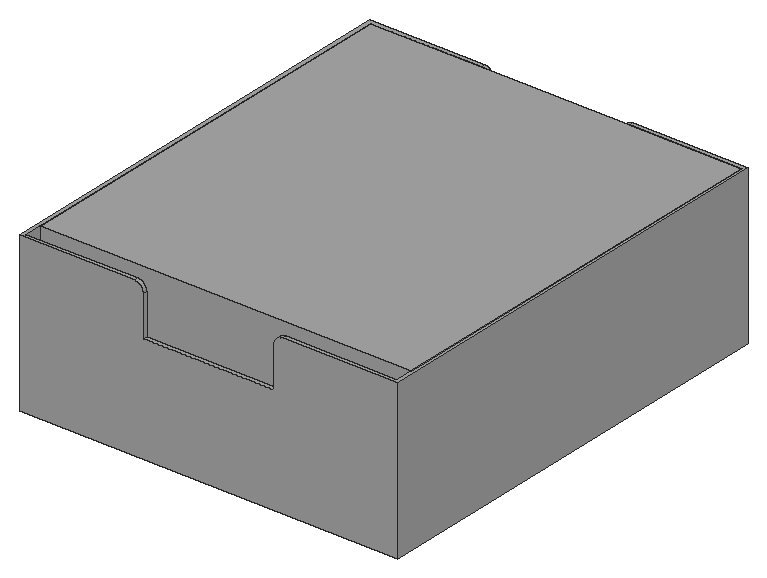
Revit family "5014_Cabinet for Batteries", category Fire Alarm Devices, host Face, Revit 2020
Family settings
  Host = Face
  Maintain Annotation Orientation = No
  Round Connector Dimension = Use Diameter
  Part Type = Normal
  OmniClass Number = 23.85.30.21
  OmniClass Title = Environmental Detection/Registration
  Cut with Voids When Loaded = No
  Shared = No
  Room Calculation Point = No
Parameters (values of type "5014")
  Width (mm) = 420 mm  # constant formula
  Weight = "13000 g"  # constant formula
  Version = "RVT20"  # constant formula
  Uniformat 2010 Description = "Detection and Alarm"  # constant formula
  Uniformat 2010  Code = "D7050"  # constant formula
  Uniclass 2015 Description = "Fire and smoke detector bases"  # constant formula
  Uniclass 2015 Code = "Pr_75_80_30_27 "  # constant formula
  URL = "https://www.panasonic-fire-security.com"
  Type Comments = "Metal cabinet intended for external CIE batteries. Cable entry (grommet) on top of the cabinet. For wall mounting."  # constant formula
  Product Material = Metal cabinet_Aluminum-zinc – AZ150
  Omniclass Description = "Smoke Detectors"  # constant formula
  Omniclass Code = "23.85.30.21.11.11.11"  # constant formula
  Mounting = "Wall"  # constant formula
  Model = "5014"  # constant formula
  Manufacturer = "Panasonic"  # constant formula
  Height (mm) = 487 mm  # constant formula
  Description = "Cabinet for batteries"  # constant formula
  Depth (mm) = 175 mm  # constant formula
  Default Elevation = 0 mm
  Contact = ""
  Batteries = "Designed for two 60-65 Ah batteries"  # constant formula
  Ambient Temperature Operating = "-5 to +40 °C"  # constant formula
  Ambient Humidity = "Maximum 95 % RH "  # constant formula
Reference planes
  plane 1 "Center (Front/Back)": y = 0
  plane 2: z = 0
  plane 3 "Center (Left/Right)": x = 0
  plane 4: z = 175
  plane 5: x = -210
  plane 6: x = 210
  plane 7: y = 243.5
  plane 8: y = -243.5
  plane 9: y = 239.5
  plane 10: y = -239.5
  plane 11: x = -206
  plane 12: x = 206
  plane 13: y = 228.5
  plane 14: y = -228.5
  plane 15: x = -150
  plane 16: x = 150
  plane 17: z = 3
  plane 18: z = 120
  plane 19: x = -72.5
  plane 20: x = 72.5
  plane 21: y = -220.2
  plane 22: y = 220.2
  plane 23: x = -202
  plane 24: y = 235.5
  plane 25: x = 202
  plane 26: y = -235.5
  plane 27: z = 171
  plane 28: y = -216.2
  plane 29: z = 7
Forms (mm)
  Extrusion 1, solid, material "Metal cabinet_Aluminum-zinc – AZ150" <- "Product Material"
    sketch origin (0, 0, 0) x (1, 0, 0) y (0, 1, 0)
      loop
        line (-206, 239.5) -> (-206, -239.5) -> (206, -239.5) -> (206, 239.5) -> (-206, 239.5)
      loop
        circle (-150, 228.5) r 3
      loop
        circle (150, 228.5) r 3
      loop
        circle (-150, -228.5) r 3
      loop
        circle (150, -228.5) r 3
    from 0 to 3
  Extrusion 2, solid, material "Metal cabinet_Aluminum-zinc – AZ150" <- "Product Material"
    sketch origin (0, 0, 0) x (1, 0, 0) y (0, 0, 1)
      loop
        line (-206, 0) -> (206, 0) -> (206, 175) -> (82.5, 175)
        arc (82.5, 175) -> (75.429, 172.071) -> (72.5, 165) r 10
        line (72.5, 165) -> (72.5, 120) -> (-72.5, 120) -> (-72.5, 165)
        arc (-72.5, 165) -> (-75.429, 172.071) -> (-82.5, 175) r 10
        line (-82.5, 175) -> (-206, 175) -> (-206, 0)
    from -243.5 to -239.5
  Extrusion 3, solid, material "Metal cabinet_Aluminum-zinc – AZ150" <- "Product Material"
    sketch origin (0, 0, 0) x (1, 0, 0) y (0, 0, -1)
      loop
        line (-206, 0) -> (-206, -175) -> (-82.5, -175)
        arc (-82.5, -175) -> (-75.429, -172.071) -> (-72.5, -165) r 10
        line (-72.5, -165) -> (-72.5, -120) -> (72.5, -120) -> (72.5, -165)
        arc (72.5, -165) -> (75.429, -172.071) -> (82.5, -175) r 10
        line (82.5, -175) -> (206, -175) -> (206, 0) -> (-206, 0)
    from -243.5 to -239.5
  Extrusion 4, solid, material "Metal cabinet_Aluminum-zinc – AZ150" <- "Product Material"
    sketch origin (0, 0, 0) x (0, 1, 0) y (0, 0, 1)
      loop
        line (-243.5, 175) -> (-243.5, 0) -> (243.5, 0) -> (243.5, 175) -> (-243.5, 175)
    from 206 to 210
  Extrusion 5, solid, material "Metal cabinet_Aluminum-zinc – AZ150" <- "Product Material"
    sketch origin (0, 0, 0) x (0, 1, 0) y (0, 0, -1)
      loop
        line (-243.5, -175) -> (243.5, -175) -> (243.5, 0) -> (-243.5, 0) -> (-243.5, -175)
    from 206 to 210
  Extrusion 6, solid, material "Metal cabinet_Aluminum-zinc – AZ150" <- "Product Material"
    sketch origin (0, 0, 0) x (1, 0, 0) y (0, 1, 0)
      loop
        line (-206, 239.5) -> (-206, -220.2) -> (206, -220.2) -> (206, 239.5) -> (-206, 239.5)
      loop
        line (-202, 235.5) -> (-202, -216.2) -> (202, -216.2) -> (202, 235.5) -> (-202, 235.5)
    from 3 to 175
  Extrusion 7, solid, material "Metal cabinet_Aluminum-zinc – AZ150" <- "Product Material"
    sketch origin (0, 0, 0) x (1, 0, 0) y (0, 1, 0)
      loop
        line (-202, 235.5) -> (-202, -216.2) -> (202, -216.2) -> (202, 235.5) -> (-202, 235.5)
    from 171 to 175
  Extrusion 8, solid, material "Metal cabinet_Aluminum-zinc – AZ150" <- "Product Material"
    sketch origin (0, 0, 0) x (1, 0, 0) y (0, 1, 0)
      loop
        line (-202, 235.5) -> (-202, 220.2) -> (202, 220.2) -> (202, 235.5) -> (-202, 235.5)
      loop
        circle (-150, 228.5) r 3
      loop
        circle (150, 228.5) r 3
      loop
        line (-206, -220.2) -> (-206, -239.5) -> (206, -239.5) -> (206, -220.2) -> (-206, -220.2)
      loop
        circle (-150, -228.5) r 3
      loop
        circle (150, -228.5) r 3
    from 3 to 7
Cuts and joins
  joined: Extrusion 1, Extrusion 2, Extrusion 3, Extrusion 4, Extrusion 5
  joined: Extrusion 6, Extrusion 7, Extrusion 8
Dimensions and locks
  "Depth (mm)": plane 4 to host face
  equal spacing: plane 5, plane 3 "Center (Left/Right)", plane 6
  "Width (mm)": plane 5 to plane 6
  equal spacing: plane 8, plane 1 "Center (Front/Back)", plane 7
  "Height (mm)": plane 8 to plane 7
  locked: plane 5 to plane 11 at 4
  locked: plane 12 to plane 6 at 4
  locked: plane 7 to plane 9 at 4
  locked: plane 8 to plane 10 at 4
  equal spacing: plane 13, plane 1 "Center (Front/Back)", plane 14
  equal spacing: plane 15, plane 3 "Center (Left/Right)", plane 16
  plane 15 to plane 16 = 300 mm
  locked: plane 7 to plane 22 at 23.3
  locked: plane 8 to plane 21 at 23.3
  locked: plane 10 to plane 26 at 4
  locked: plane 9 to plane 24 at 4
  locked: plane 25 to plane 12 at 4
  locked: plane 11 to plane 23 at 4
  locked: plane 21 to plane 28 at 4
  locked: plane 4 to plane 27 at 4
  locked: plane 27 to plane 18 at 51
  locked: plane 29 to plane 17 at 4
  locked: plane 17 to level at 3
  aligned and locked: plane 2 to host face
  aligned and locked: level to host face
  aligned and locked: Extrusion 1 sketch curve to plane 9
  aligned and locked: plane 11 to Extrusion 1 sketch curve
  aligned and locked: Extrusion 1 sketch curve to plane 10
  aligned and locked: plane 12 to Extrusion 1 sketch curve
  aligned and locked: Extrusion 1 to level
  aligned and locked: plane 17 to Extrusion 1
  aligned and locked: Extrusion 1 to host face
  aligned and locked: Extrusion 2 sketch curve to Extrusion 1  (x2)
  aligned and locked: plane 4 to Extrusion 2 sketch curve
  aligned and locked: Extrusion 2 sketch curve to plane 12
  aligned and locked: Extrusion 2 sketch curve to plane 19
  aligned and locked: Extrusion 2 sketch curve to plane 18
  aligned and locked: Extrusion 2 sketch curve to plane 20
  aligned and locked: Extrusion 2 sketch curve to plane 4
  aligned and locked: plane 7 to Extrusion 2
  aligned and locked: Extrusion 2 to plane 9
  aligned and locked: plane 8 to Extrusion 3
  aligned and locked: Extrusion 3 to plane 10
  aligned and locked: plane 11 to Extrusion 3 sketch curve
  aligned and locked: Extrusion 3 sketch curve to plane 4
  aligned and locked: plane 19 to Extrusion 3 sketch curve
  aligned and locked: plane 18 to Extrusion 3 sketch curve
  aligned and locked: plane 20 to Extrusion 3 sketch curve
  aligned and locked: plane 4 to Extrusion 3 sketch curve
  aligned and locked: plane 12 to Extrusion 3 sketch curve
  aligned and locked: host face to Extrusion 3 sketch curve
  aligned and locked: Extrusion 4 sketch curve to Extrusion 3  (x2)
  aligned and locked: Extrusion 4 sketch curve to Extrusion 2  (x2)
  aligned and locked: Extrusion 4 to plane 6
  aligned and locked: plane 12 to Extrusion 4
  aligned and locked: Extrusion 5 to plane 5
  aligned and locked: plane 11 to Extrusion 5
  aligned and locked: Extrusion 6 sketch curve to Extrusion 1  (x2)
  aligned and locked: Extrusion 6 sketch curve to plane 21
  aligned and locked: plane 12 to Extrusion 6 sketch curve
  aligned and locked: plane 25 to Extrusion 6 sketch curve
  aligned and locked: Extrusion 6 sketch curve to plane 24
  aligned and locked: plane 23 to Extrusion 6 sketch curve
  aligned and locked: plane 4 to Extrusion 6
  aligned and locked: Extrusion 6 to Extrusion 1
  aligned and locked: Extrusion 6 sketch curve to plane 28
  aligned and locked: Extrusion 7 sketch curve to Extrusion 6  (x4)
  aligned and locked: Extrusion 7 to plane 27
  aligned and locked: plane 4 to Extrusion 7
  aligned and locked: Extrusion 8 sketch curve to Extrusion 6  (x3)
  aligned and locked: Extrusion 6 to Extrusion 8 sketch curve
  aligned and locked: plane 22 to Extrusion 8 sketch curve
  aligned and locked: plane 25 to Extrusion 8 sketch curve
  aligned and locked: Extrusion 8 sketch curve to Extrusion 1  (x2)
  aligned and locked: Extrusion 8 to plane 17
  aligned and locked: plane 29 to Extrusion 8
Automatic sketch dimensions
  host sketch curve to host sketch curve = 2438.4 mm  (x2)
  Extrusion 1 sketch curve to plane 13 = 0 mm  (x2)
  Extrusion 1 sketch curve to plane 15 = 0 mm  (x2)
  plane 14 to Extrusion 1 sketch curve = 0 mm  (x2)
  Extrusion 1 sketch curve to plane 16 = 0 mm  (x2)
  Extrusion 2 sketch curve to plane 19 = 10 mm
  Extrusion 2 sketch curve to plane 4 = 10 mm
  Extrusion 3 sketch curve to plane 19 = 10 mm
  Extrusion 3 sketch curve to plane 4 = 10 mm
  Extrusion 5 sketch curve to level = 0 mm
  Extrusion 5 sketch curve to plane 8 = 0 mm
  Extrusion 5 sketch curve to plane 7 = 0 mm
  Extrusion 5 sketch curve to plane 4 = 0 mm
  Extrusion 8 sketch curve to plane 13 = 0 mm  (x2)
  Extrusion 8 sketch curve to plane 15 = 0 mm  (x2)
  Extrusion 8 sketch curve to plane 16 = 0 mm  (x2)
  Extrusion 8 sketch curve to plane 15 = 3 mm
  plane 16 to Extrusion 8 sketch curve = 3 mm
  plane 14 to Extrusion 8 sketch curve = 0 mm  (x2)
  Extrusion 8 sketch curve to Extrusion 8 sketch curve = 3 mm  (x2)
  Extrusion 8 sketch curve to Extrusion 8 sketch curve = 0 mm  (x2)
  radius of Extrusion 1 sketch curve = 3 mm  (x4)
